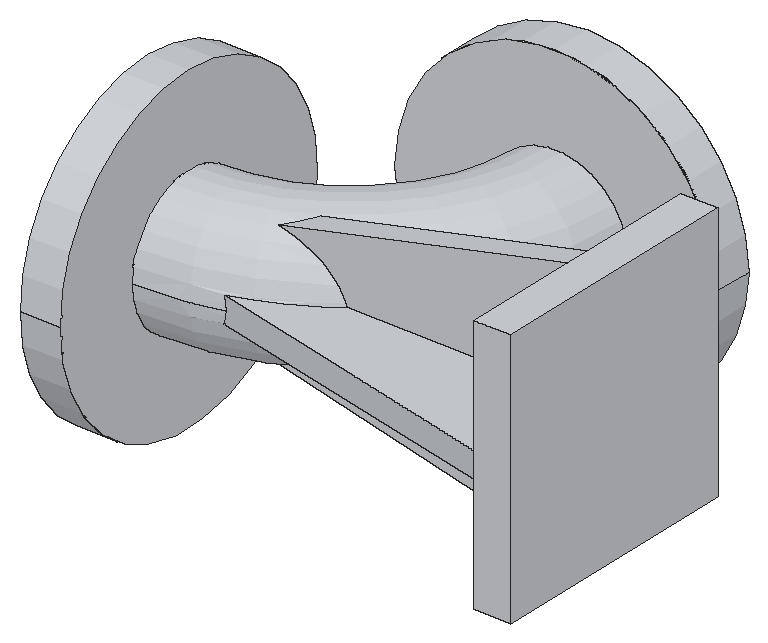
Revit family "01bbb257d86b4132aa66ff824874dd8f", category Pipe Fittings, Revit 2021
Family settings
  Round Connector Dimension = Use Radius
  Part Type = Elbow
  OmniClass Number = 23.60.30.11.14
  OmniClass Title = Pipework Fittings
  Seek Item ID = Elbow Square Base - Flanged - GI - Class 250-0000-USA-ENU
  Work Plane-Based = No
  Always vertical = Yes
  Cut with Voids When Loaded = No
  Shared = No
Parameters (values of type "Standard")
  Wall Thickness [instance] = size_lookup(Lookup Table Name, "WThk", 0.06 * Nominal Diameter + 97/256", Nominal Diameter)  # 0.43701"
  Loss Method = K Coefficient from Table
  Lookup Table Name = "Elbow Square Base - Flanged - GI - Class 250"
  Length 7 [instance] = Center to Base + Center to Face - Length 4 - Flange Thickness  # 6.62382"
  Length 6 [instance] = Center to Face * sin(Angle)  # 5"
  Length 5 [instance] = Center to Face + Center to Face * cos(Angle)  # 5"
  Tick Size [instance] = Flange Diameter * 0.4  # 2.59843"
  Square Base Width [instance] = size_lookup(Lookup Table Name, "SBW", 0.57 * Nominal Diameter + 4 109/256", Nominal Diameter)  # 5.23622"
  Ribs Thickness [instance] = size_lookup(Lookup Table Name, "RThk", 0.04 * Nominal Diameter + 65/128", Nominal Diameter)  # 0.51181"
  Raised Face Thickness [instance] = 1/16"  # constant formula
  Raised Face Radius [instance] = Raised Face Diameter / 2  # 2.08661"
  Raised Face Diameter [instance] = size_lookup(Lookup Table Name, "RFD", 1.2 * Nominal Diameter + 2 1/256", Nominal Diameter)  # 4.17323"
  Length 4 [instance] = sqrt(2 * Ribs Thickness * Center Radius - Ribs Thickness * Ribs Thickness)  # 1.99035"
  Length 3 [instance] = if(Square Base Width * 0.15 < Fitting Outside Radius * 0.8, Square Base Width * 0.15, Fitting Outside Radius * 0.8)  # 0.78543"
  Length 2 [instance] = Flange Thickness - Raised Face Thickness  # 0.81152"
  K Coefficient Table = "Regular Flanged 90 and 180 Elbow"
  Fitting Outside Radius [instance] = Fitting Outside Diameter / 2  # 1.44094"
  Fitting Outside Diameter [instance] = Fitting Inside Diameter + Wall Thickness * 2  # 2.88189"
  Length 1 [instance] = (Fitting Outside Radius + 1/32") * tan(Angle / 2) + Flange Thickness  # 2.34621"
  Nominal Radius [instance] = 1"
  Nominal Diameter [instance] = Nominal Radius * 2  # 2"
  Fitting Inside Diameter [instance] = size_lookup(Lookup Table Name, "FID", 0.97 * Nominal Diameter + 13/128", Nominal Diameter)  # 2.00787"
  Default Elevation = 0' - 0"
  Center to Face 1 [instance] = size_lookup(Lookup Table Name, "CtF1", 0.82 * Nominal Diameter + 3 63/128", Nominal Diameter)  # 5"
  Center to Face 2 [instance] = size_lookup(Lookup Table Name, "CtF2", 0.43 * Nominal Diameter + 2 13/32", Nominal Diameter)  # 2.99213"
  Center to Face [instance] = if(and(Angle > 0.00°, (not(Angle > 45.00°))), if(Center to Face 2 > Fitting Outside Radius * tan(Angle / 2) + Flange Thickness, Center to Face 2, Length 1), if(Center to Face 1 > Fitting Outside Radius * tan(Angle / 2) + Flange Thickness, Center to Face 1, Length 1))  # 5"
  Center to Base [instance] = size_lookup(Lookup Table Name, "CtB", 0.75 * Nominal Diameter + 2 253/256", Nominal Diameter)  # 4.48819"
  Center Radius [instance] = (Center to Face - Flange Thickness) / tan(Angle / 2)  # 4.12598"
  Flange Thickness [instance] = size_lookup(Lookup Table Name, "FThk", 0.08 * Nominal Diameter + 217/256", Nominal Diameter)  # 0.87402"
  Flange Radius [instance] = Flange Diameter / 2  # 3.24803"
  Flange Diameter [instance] = size_lookup(Lookup Table Name, "FDia", 1.34 * Nominal Diameter + 4 3/16", Nominal Diameter)  # 6.49606"
  Base Thickness [instance] = size_lookup(Lookup Table Name, "BThk", 0.052 * Nominal Diameter + 89/128", Nominal Diameter)  # 0.74803"
  Assembly Code = ""
  Angle [instance] = 90.00°
Reference planes (in)
  plane 1 "Center (Front/Back)": y = 0
  plane 2: z = 0
  plane 3 "Center (Left/Right)": x = 0
  plane 4: x = -4.12598
  plane 5: x = -5
  plane 6: y = 4.12598
  plane 7: y = 2.59843
  plane 8: y = -2.59843
  plane 9: x = -4.9375
  plane 10: x = 3.74016
  plane 11: x = 4.48819
  plane 12: z = 0.25591
  plane 13: z = -0.25591
  plane 14: y = -0.25591
  plane 15: y = 0.25591
  plane 16: y = 0.51181
  plane 17: y = 5
  plane 18: x = 0
Forms (in)
  Sweep 1, solid, detail levels fine
    path in 3D
      loop
        line (-4.9375, 0, 0) -> (-4.12598, 0, 0)
    profile origin (-4.53174, 0, 0) x (0, 1, 0) y (0, 0, 1)
      loop
        circle (0, 0) r 3.24803
  Sweep 2, solid, detail levels fine
    path in 3D
      loop
        line (0, 4.12598, 0) -> (0, 4.9375, 0)
    profile origin (0, 4.53174, 0) x (-1, 0, 0) y (0, 0, 1)
      loop
        circle (0, 0) r 3.24803
  Sweep 3, solid, detail levels fine
    path in 3D
      loop
        line (-5, 0, 0) -> (-4.9375, 0, 0)
    profile origin (-4.96875, 0, 0) x (0, 1, 0) y (0, 0, 1)
      loop
        circle (0, 0) r 2.08661
  Extrusion 4, solid, detail levels fine
    sketch origin (0, 0, 0) x (0, 1, 0) y (0, 0, 1)
      loop
        line (2.61811, 2.61811) -> (-2.61811, 2.61811) -> (-2.61811, -2.61811) -> (2.61811, -2.61811) -> (2.61811, 2.61811)
    from 3.74016 to 4.48819
  Extrusion 5, solid, detail levels fine
    sketch origin (0, 0, 0) x (1, 0, 0) y (0, 1, 0)
      loop
        line (-4.12598, 0.78543) -> (-4.12598, -0.78543) -> (3.74016, -2.61811) -> (3.74016, 2.61811) -> (-4.12598, 0.78543)
    from -0.25591 to 0.25591
  Extrusion 6, solid, detail levels fine
    sketch origin (0, 0, 0) x (1, 0, 0) y (0, 0, 1)
      loop
        line (-4.12598, 0.78543) -> (-4.12598, -0.78543) -> (3.74016, -2.61811) -> (3.74016, 2.61811) -> (-4.12598, 0.78543)
    from -0.25591 to 0.25591
  Sweep 7, solid, detail levels fine
    path in 3D
      loop
        line (0, 5, 0) -> (0, 4.9375, 0)
    profile origin (0, 4.96875, 0) x (1, 0, 0) y (0, 0, 1)
      loop
        circle (0, 0) r 2.08661
  Sweep 8, solid, detail levels fine
    path in 3D
      loop
        arc (-4.12598, 0, 0) -> (-1.20847, 1.20847, 0) -> (0, 4.12598, 0) r 4.12598
    profile origin (-1.20847, 1.20847, 0) x (-0.707107, 0.707107, 0) y (0, 0, 1)
      loop
        circle (0, 0) r 1.44094
Cuts and joins
  joined: Sweep 1, Sweep 2, Sweep 3, Extrusion 4, Extrusion 5, Extrusion 6, Sweep 7, Sweep 8
Lines and regions (in)
  model lines, detail levels coarse+medium
    curve 1: line (-4.9375, 0, 0) -> (-4.12598, 0, 0)
    curve 2: arc (-4.12598, 0, 0) -> (-1.20847, 1.20847, 0) -> (0, 4.12598, 0) r 4.12598
    curve 3: line (0, 4.12598, 0) -> (0, 4.9375, 0)
    curve 6: line (-5, 0, 0) -> (-5, 2.59843, 0)
    curve 7: line (-5, 0, 0) -> (-5, -2.59843, 0)
    curve 8: line (-5, 0, 0) -> (-4.9375, 0, 0)
    curve 10: line (-4.12598, 0, 0) -> (4.48819, 0, 0)
    curve 11: line (0, 5, 0) -> (-2.59843, 5, 0)
    curve 12: line (0, 5, 0) -> (2.59843, 5, 0)
    curve 13: line (0, 5, 0) -> (0, 4.9375, 0)
    curve 15: line (-2.13563, 0.51181, 0) -> (4.48819, 0.51181, 0)
  sketch lines
    curve 4: line (-4.9375, 0, 0) -> (-4.12598, 0, 0)
    curve 5: line (0, 4.12598, 0) -> (0, 4.9375, 0)
    curve 9: line (-5, 0, 0) -> (-4.9375, 0, 0)
    curve 14: line (0, 5, 0) -> (0, 4.9375, 0)
    curve 16: arc (-4.12598, 0, 0) -> (-1.20847, 1.20847, 0) -> (0, 4.12598, 0) r 4.12598
Dimensions and locks (in)
  "Center Radius": plane 6 to plane 1 "Center (Front/Back)"
  "Flange Thickness": plane 5 to plane 4
  "Tick Size": plane 7 to plane 1 "Center (Front/Back)"
  "Tick Size": plane 8 to plane 1 "Center (Front/Back)"
  "Length 2": curve 3 to curve 3
  "Center to Face": plane 5 to plane 3 "Center (Left/Right)"
  "Raised Face Thickness": plane 5 to plane 9
  "Center to Base": plane 3 "Center (Left/Right)" to plane 11
  "Base Thickness": plane 10 to plane 11
  equal spacing: Extrusion 5 sketch curve, plane 1 "Center (Front/Back)", Extrusion 5 sketch curve  (x2)
  "Square Base Width": Extrusion 5 sketch curve to Extrusion 5 sketch curve
  equal spacing: plane 12, plane 2, plane 13
  "Ribs Thickness": plane 12 to plane 13
  equal spacing: Extrusion 6 sketch curve, plane 2, Extrusion 6 sketch curve  (x2)
  "Length 3": Extrusion 6 sketch curve to plane 2
  "Square Base Width": Extrusion 6 sketch curve to Extrusion 6 sketch curve
  "Length 3": plane 1 "Center (Front/Back)" to Extrusion 5 sketch curve
  equal spacing: plane 14, plane 1 "Center (Front/Back)", plane 15
  "Ribs Thickness": plane 14 to plane 15
  "Ribs Thickness": plane 16 to plane 1 "Center (Front/Back)"
  equal spacing: Extrusion 4 sketch curve, plane 1 "Center (Front/Back)", Extrusion 4 sketch curve
  "Square Base Width": Extrusion 4 sketch curve to Extrusion 4 sketch curve  (x2)
  equal spacing: Extrusion 4 sketch curve, plane 2, Extrusion 4 sketch curve
  "Length 6": plane 17 to plane 1 "Center (Front/Back)"
  "Length 5": plane 5 to plane 18
  "Tick Size": curve 11 to curve 11
  "Tick Size": curve 12 to curve 12
  "Raised Face Thickness": curve 13 to curve 13
  "Length 7": curve 15 to curve 15
  "Center Radius": radius of curve 2
  "Flange Radius": radius of Sweep 1 sketch curve
  "Flange Radius": radius of Sweep 2 sketch curve
  "Raised Face Radius": radius of Sweep 3 sketch curve
  "Raised Face Radius": radius of Sweep 7 sketch curve
  "Fitting Outside Radius": radius of Sweep 8 sketch curve
  "Angle": angle curve 2 to curve 2
  "Angle": angle plane 1 "Center (Front/Back)" to curve 3
  "Angle": angle plane 3 "Center (Left/Right)" to curve 11
  "Angle": angle plane 3 "Center (Left/Right)" to curve 12
  "Angle": angle plane 1 "Center (Front/Back)" to curve 13
  aligned and locked: plane 4 to curve 2
  aligned and locked: plane 7 to curve 6
  aligned and locked: plane 1 "Center (Front/Back)" to curve 7
  aligned and locked: plane 8 to curve 7
  aligned and locked: plane 9 to curve 1
  aligned and locked: plane 5 to curve 8
  aligned and locked: Extrusion 4 to plane 10
  aligned and locked: plane 11 to Extrusion 4
  aligned and locked: plane 10 to Extrusion 5 sketch curve
  aligned and locked: Extrusion 5 sketch curve to plane 4
  aligned and locked: Extrusion 5 to plane 13
  aligned and locked: plane 12 to Extrusion 5
  aligned and locked: Extrusion 6 sketch curve to plane 4
  aligned and locked: plane 10 to Extrusion 6 sketch curve
  aligned and locked: Extrusion 6 to plane 14
  aligned and locked: plane 15 to Extrusion 6
  aligned and locked: plane 4 to curve 10
  aligned and locked: plane 11 to curve 10
  aligned and locked: plane 1 "Center (Front/Back)" to curve 10
  aligned and locked: plane 11 to curve 15
Automatic sketch dimensions
  Sweep 1 sketch curve to profile plane = 0' - 0"  (x2)
  Sweep 2 sketch curve to profile plane = 0' - 0"  (x2)
  Sweep 3 sketch curve to profile plane = 0' - 0"  (x2)
  Sweep 7 sketch curve to profile plane = 0' - 0"  (x2)
  Sweep 8 sketch curve to profile plane = 0' - 0"
  profile plane to Sweep 8 sketch curve = 0' - 0"
Connectors (in)
  piping at (-5, 0, 0), diameter 2, driven by "Nominal Radius", driven by "Angle"
    settings: on cut or joined group of Sweep 1, Sweep 2, Sweep 3, Extrusion 4, Extrusion 5, Extrusion 6, Sweep 7, Sweep 8, index 1, connector inside diameter 2", connector length 0' - 0", flow factor 0, pipe flow 0 GPM, pressure drop 0.00 psi, fitting loss kfactor 0, connector angle 90.00°, fixture units 0, engagement length 0' - 0", angle of deflection 0.00°, flow configuration 0, flow direction 0, fitting loss method 0, system type 28, joint type 0, gender type 0, connector reference index 2, connector utility 0, adjustable connector no, is connector primary yes, connector description ""
  piping at (0, 5, 0), diameter 2, driven by "Nominal Radius", driven by "Angle"
    settings: on cut or joined group of Sweep 1, Sweep 2, Sweep 3, Extrusion 4, Extrusion 5, Extrusion 6, Sweep 7, Sweep 8, index 2, connector inside diameter 2", connector length 0' - 0", flow factor 0, pipe flow 0 GPM, pressure drop 0.00 psi, fitting loss kfactor 0, connector angle 90.00°, fixture units 0, engagement length 0' - 0", angle of deflection 0.00°, flow configuration 0, flow direction 0, fitting loss method 0, system type 28, joint type 0, gender type 0, connector reference index 1, connector utility 0, adjustable connector no, is connector primary no, connector description ""
